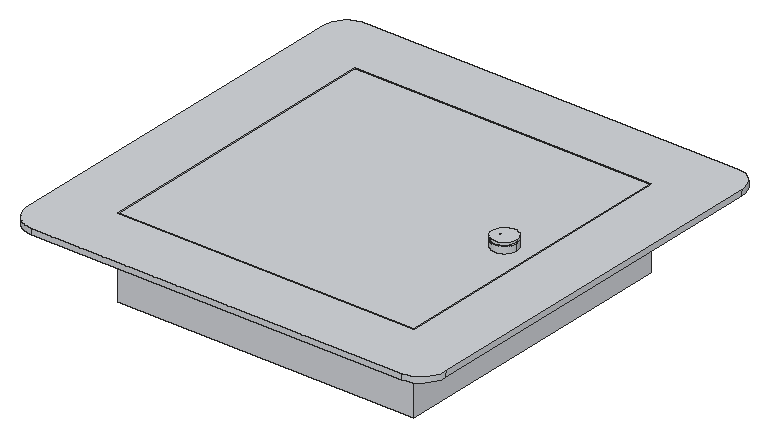
Revit family "UA", category Generic Models, host Face, Revit 2026
Family settings
  Host = Face
  Can host rebar = No
  Round Connector Dimension = Use Diameter
  Part Type = Normal
  Cut with Voids When Loaded = No
  Maintain Annotation Orientation = No
  Shared = No
  Room Calculation Point = No
Parameters (values of type "UA-6"x6"")
  Width = 0' - 6"
  URL = "WWW.MIFAB.COM"
  Model = "UA"
  Material = none
  Manufacturer = "MIFAB"
  Height = 0' - 6"
  Description = "UNIVERSAL ACCESS DOOR"
  Default Elevation = 4' - 0"
Types (32): name | Width | Height
  (no name) | 0' - 6" | 0' - 6"
  UA-6"x6" | 0' - 6" | 0' - 6"
  UA-8"x8" | 0' - 8" | 0' - 8"
  UA-10"x10" | 0' - 10" | 0' - 10"
  UA-12"x12" | 1' - 0" | 1' - 0"
  UA-12"x16" | 1' - 0" | 1' - 4"
  UA-12"x18" | 1' - 0" | 1' - 6"
  UA-12"x24" | 1' - 0" | 2' - 0"
  UA-14” x 14” | 1' - 2" | 1' - 2"
  UA-14” x 20” | 1' - 2" | 1' - 8"
  UA-14” x 24” | 1' - 2" | 2' - 0"
  UA-15” x 15” | 1' - 3" | 1' - 3"
  UA-16” x 16” | 1' - 4" | 1' - 4"
  UA-16” x 20” | 1' - 4" | 1' - 8"
  UA-16” x 24” | 1' - 4" | 2' - 0"
  UA-18” x 18” | 1' - 6" | 1' - 6"
  UA-18” x 24” | 1' - 6" | 2' - 0"
  UA-18” x 36” | 1' - 6" | 3' - 0"
  UA-20” x 20” | 1' - 8" | 1' - 8"
  UA-20” x 24” | 1' - 8" | 2' - 0"
  UA-20” x 30” | 1' - 8" | 2' - 6"
  UA-22” x 22” | 1' - 10" | 1' - 10"
  UA-22” x 30” | 1' - 10" | 2' - 6"
  UA-24” x 24” | 2' - 0" | 2' - 0"
  UA-24” x 30” | 2' - 0" | 2' - 6"
  UA-24” x 36” | 2' - 0" | 3' - 0"
  UA-24” x 48” | 2' - 0" | 4' - 0"
  UA-30” x 30” | 2' - 6" | 2' - 6"
  UA-32” x 32” | 2' - 8" | 2' - 8"
  UA-36” x 36” | 3' - 0" | 3' - 0"
  UA-36” x 48” | 3' - 0" | 4' - 0"
  UA-48” x 48” | 4' - 0" | 4' - 0"
Reference planes (in)
  plane 1 "Center (Front/Back)": y = 0
  plane 2: z = 0
  plane 3 "Center (Left/Right)": x = 0
  plane 4: x = -3
  plane 5: x = 3
  plane 6: y = 3
  plane 7: y = -3
  plane 8 "1": x = 2.4375
  plane 9: x = 4.25
  plane 10: x = -4.25
  plane 11: y = 4.25
  plane 12: y = -4.25
  plane 13: z = 0.31435
  plane 14 "2": z = -1.5
  plane 15: z = 0.10937
Forms (in)
  Extrusion 1, void
    sketch origin (0, 0, 0) x (1, 0, 0) y (0, 1, 0)
      loop
        line (-3.11811, 3.11811) -> (-3.11811, -3.11811) -> (3.11811, -3.11811) -> (3.11811, 3.11811) -> (-3.11811, 3.11811)
    from -1.5 to 0
  Sweep 2, solid, material <- "Material"
    path origin (0, 0, 0.07812) x (1, 0, 0) y (0, 1, 0)
      loop
        line (3, 3) -> (-3, 3) -> (-3, -3) -> (3, -3) -> (3, 3)
    profile origin (3, 0, 0.07812) x (1, 0, 0) y (0, 0, 1)
      loop
        line (-0.11648, -1.57812) -> (0, -1.57812) -> (0, 0.03125) -> (-0.11648, 0.03125) -> (-0.11648, -1.57812)
  Sweep 3, solid, material <- "Material"
    path origin (0, 0, 0.07812) x (1, 0, 0) y (0, 1, 0)
      loop
        line (3, 3) -> (-3, 3) -> (-3, -3) -> (3, -3) -> (3, 3)
    profile origin (3, 0, 0.07812) x (1, 0, 0) y (0, 0, 1)
      loop
        line (-0.37646, -0.07813) -> (-0.37646, -0.12527) -> (-0.16431, -0.12527) -> (-0.16431, -0.31211) -> (-0.11648, -0.31211) -> (-0.11648, -0.07813) -> (-0.37646, -0.07813)
  Extrusion 4, solid, material <- "Material"
    sketch origin (0, 0, 0.07812) x (1, 0, 0) y (0, 1, 0)
      loop
        line (-2.88352, 2.88352) -> (-2.88352, -2.88352) -> (2.88352, -2.88352) -> (2.88352, 2.88352) -> (-2.88352, 2.88352)
    from -0.07813 to 0.03125
  Extrusion 5, solid
    sketch origin (0, 0, 0) x (1, 0, 0) y (0, 1, 0)
      loop
        line (-3, 3) -> (-3, -3) -> (3, -3) -> (3, 3) -> (-3, 3)
      loop
        arc (-3.75, 4.25) -> (-4.10355, 4.10355) -> (-4.25, 3.75) r 0.5
        line (-4.25, 3.75) -> (-4.25, -3.75)
        arc (-4.25, -3.75) -> (-4.10355, -4.10355) -> (-3.75, -4.25) r 0.5
        line (-3.75, -4.25) -> (3.75, -4.25)
        arc (3.75, -4.25) -> (4.10355, -4.10355) -> (4.25, -3.75) r 0.5
        line (4.25, -3.75) -> (4.25, 3.75)
        arc (4.25, 3.75) -> (4.10355, 4.10355) -> (3.75, 4.25) r 0.5
        line (3.75, 4.25) -> (-3.75, 4.25)
    from 0 to 0.10937
Cuts and joins
  joined: Sweep 2, Extrusion 4
Dimensions and locks (in)
  equal spacing: plane 7, plane 1 "Center (Front/Back)", plane 6
  "Height": plane 7 to plane 6
  equal spacing: plane 4, plane 3 "Center (Left/Right)", plane 5
  "Width": plane 4 to plane 5
  locked: plane 8 "1" to plane 5 at 0.5625
  locked: plane 5 to plane 9 at 1.25
  locked: plane 10 to plane 4 at 1.25
  locked: plane 12 to plane 7 at 1.25
  locked: plane 11 to plane 6 at 1.25
  locked: plane 13 to profile plane at 0.23622
  locked: plane 2 to plane 14 "2" at 1.5
  plane 9 to plane 5 = 0' - 1 1/4"
  aligned and locked: plane 2 to host face
  aligned and locked: level to host face
  aligned and locked: plane 2 to Extrusion 1
  aligned and locked: Extrusion 1 to Sweep 2
  aligned and locked: plane 14 "2" to Sweep 2 sketch curve
  aligned and locked: nested 1 to plane 8 "1"
  aligned and locked: plane 15 to Sweep 2 sketch curve
  aligned and locked: Sweep 2 to Sweep 3 sketch curve
  aligned and locked: Sweep 3 sketch curve to host face
  aligned and locked: Extrusion 4 to Sweep 2  (x4)
  aligned and locked: Extrusion 5 sketch curve to cut or joined group of Sweep 2, Extrusion 4  (x4)
  aligned and locked: Extrusion 5 sketch curve to plane 11
  aligned and locked: Extrusion 5 sketch curve to plane 10
  aligned and locked: Extrusion 5 sketch curve to plane 12
  aligned and locked: Extrusion 5 sketch curve to plane 9
  aligned and locked: Extrusion 5 to level
  aligned and locked: plane 15 to Extrusion 5
Automatic sketch dimensions
  host sketch curve to host sketch curve = 8' - 0"  (x2)
  Extrusion 1 sketch curve to plane 4 = 0' - 0.11811"
  Extrusion 1 sketch curve to plane 5 = 0' - 0.11811"
  plane 7 to Extrusion 1 sketch curve = 0' - 0.11811"
  plane 6 to Extrusion 1 sketch curve = 0' - 0.11811"
  Sweep 2 sketch curve to plane 4 = 0' - 0"
  Sweep 2 sketch curve to plane 5 = 0' - 0"
  plane 7 to Sweep 2 sketch curve = 0' - 0"
  Sweep 2 sketch curve to plane 6 = 0' - 0"
  profile plane to Sweep 2 sketch curve = 0' - 0"
  Sweep 2 sketch curve to Sweep 2 sketch curve = 0' - 0.11648"
  Sweep 3 sketch curve to plane 4 = 0' - 0"
  Sweep 3 sketch curve to plane 5 = 0' - 0"
  plane 7 to Sweep 3 sketch curve = 0' - 0"
  Sweep 3 sketch curve to plane 6 = 0' - 0"
  Sweep 3 sketch curve to Sweep 3 sketch curve = 0' - 0.04782"
  Sweep 3 sketch curve to Sweep 3 sketch curve = 0' - 0.21216"
  Sweep 3 sketch curve to Sweep 3 sketch curve = 0' - 0.04715"
  Sweep 3 sketch curve to Sweep 3 sketch curve = 0' - 0.18684"
  plane 4 to Extrusion 4 sketch curve = 0' - 0.11648"
  plane 5 to Extrusion 4 sketch curve = 0' - 0.11648"
  Extrusion 4 sketch curve to plane 7 = 0' - 0.11648"
  Extrusion 4 sketch curve to plane 6 = 0' - 0.11648"
  Extrusion 5 sketch curve to plane 4 = 0' - 0 3/4"
  Extrusion 5 sketch curve to plane 10 = 0' - 0 1/2"
  Extrusion 5 sketch curve to plane 9 = 0' - 0 1/2"  (x2)
Nested families (in)
  nested 1: "Handle" at (2.4375, 0, 0.10937), type "Handle"
Definition of nested family "Handle"
  Parameters (values of type "Handle")
    Material = none
    Default Elevation = 4' - 0"
  Reference planes (in)
    plane 1 "Center (Front/Back)": y = 0
    plane 2: z = 0
    plane 3 "Center (Left/Right)": x = 0
    plane 4: z = 0.46152
  Forms (in)
    Extrusion 1, solid
      sketch origin (0, 0, 0) x (1, 0, 0) y (0, 1, 0)
        loop
          line (-48, 48) -> (-48, -48) -> (48, -48) -> (48, 48) -> (-48, 48)
      from 0 to -12
    Revolve 2, solid
      sketch origin (0, 0, 0) x (1, 0, 0) y (0, 0, 1)
        loop
          line (0, 0) -> (0.25, 0) -> (0.25, 0.12907)
          arc (0.25, 0.12907) -> (0.24341, 0.14499) -> (0.22749, 0.15158) r 0.02251
          line (0.22749, 0.15158) -> (0, 0.15158) -> (0, 0)
        axis (0, 0) -> (0, 0.15158)
      angle from 0 to 360
    Extrusion 3, solid
      sketch origin (-3.78692, 0, -0.49918) x (1, 0, 0) y (0, 1, 0)
        loop
          circle (3.78692, 0) r 0.25
        loop
          line (3.70895, 0.01538) -> (3.70895, -0.01537) -> (3.86488, -0.01537) -> (3.86488, 0.01538) -> (3.70895, 0.01538)
      from 0.64964 to 0.6877
  Dimensions and locks (in)
    aligned and locked: plane 2 to Extrusion 1
    aligned and locked: level to Extrusion 1
